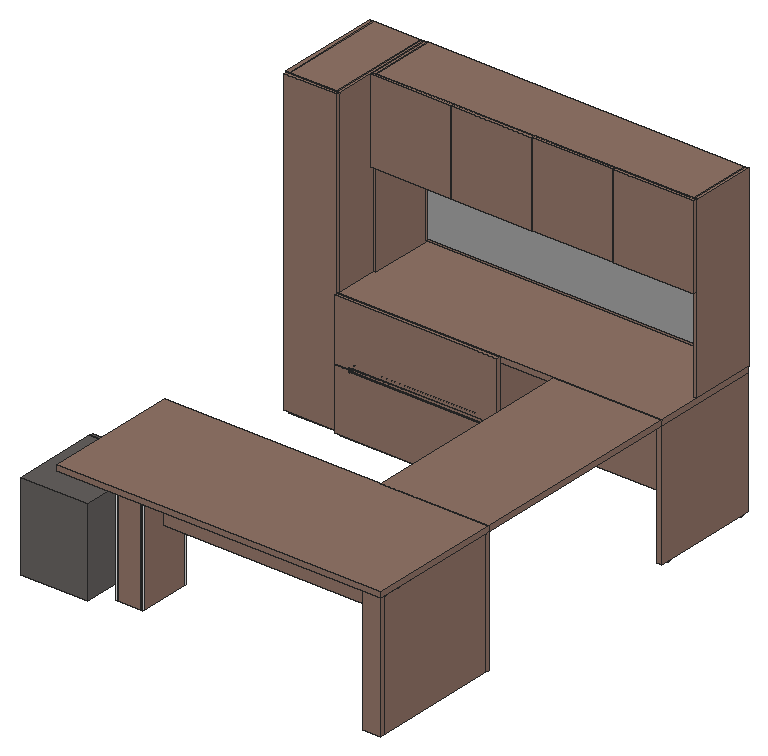
Revit family "OFS TYPICAL T100002", category Furniture, Revit 2022 (continued)
Definition of nested family "OFS SLATE PENINSULA WORKTABLE WITH POST BASE"
  Definition of nested family "OFS_Slate Private Office_Work Table_Post Base"
    Automatic sketch dimensions
      Revolve 2 sketch curve to Revolve 2 sketch curve = 0' - 0.005"
      Revolve 2 sketch curve to Revolve 2 sketch curve = 0' - 0.245"
      Revolve 2 sketch curve to Revolve 2 sketch curve = 0' - 0"
      Revolve 2 sketch curve to level = 0' - 0.09084"
      plane 1 "Center (Front/Back)" to Extrusion 3 sketch curve = 0' - 0 3/4"
      plane 11 to Extrusion 3 sketch curve = 0' - 0 3/4"
      plane 1 "Center (Front/Back)" to Extrusion 4 sketch curve = 0' - 0 3/4"  (x2)
      plane 11 to Extrusion 4 sketch curve = 0' - 0 3/4"  (x2)
      Extrusion 7 sketch curve to plane 21 = 0' - 0"  (x2)
      Extrusion 7 sketch curve to plane 17 = 0' - 0"
      Extrusion 7 sketch curve to plane 16 = 0' - 0"
      plane 20 to Extrusion 7 sketch curve = 0' - 0"
      plane 21 to Extrusion 7 sketch curve = 0' - 0 1/16"
      plane 22 to Extrusion 7 sketch curve = 0' - 0.0177"
      plane 22 to Extrusion 7 sketch curve = 0' - 0.01814"
      Extrusion 7 sketch curve to plane 23 = 0' - 0 1/16"
      Extrusion 7 sketch curve to plane 25 = 0' - 0.04436"
      Extrusion 7 sketch curve to plane 25 = 0' - 0.0448"
      plane 24 to Extrusion 7 sketch curve = 0' - 0 1/16"  (x2)
      Extrusion 7 sketch curve to Extrusion 7 sketch curve = 0' - 0 1/16"
      plane 17 to Extrusion 7 sketch curve = 0' - 0 17/32"  (x2)
      Extrusion 7 sketch curve to Extrusion 7 sketch curve = 0' - 0 7/32"
      Extrusion 7 sketch curve to Extrusion 7 sketch curve = 0' - 0"  (x2)
      Extrusion 7 sketch curve to Extrusion 7 sketch curve = 0' - 0.75004"  (x2)
      Extrusion 7 sketch curve to Extrusion 7 sketch curve = 0' - 0.00004"
      plane 16 to Extrusion 7 sketch curve = 0' - 0 17/32"
      Extrusion 7 sketch curve to Extrusion 7 sketch curve = 0' - 0.21879"
      Extrusion 8 sketch curve to plane 21 = 0' - 0"  (x2)
      plane 16 to Extrusion 8 sketch curve = 0' - 0.0175"  (x2)
      plane 21 to Extrusion 8 sketch curve = 0' - 0.045"  (x2)
      plane 17 to Extrusion 8 sketch curve = 0' - 0.0175"  (x2)
      plane 22 to Extrusion 8 sketch curve = 0' - 0.00395"  (x2)
      Extrusion 8 sketch curve to plane 25 = 0' - 0.05855"  (x2)
      plane 24 to Extrusion 8 sketch curve = 0' - 0 1/16"  (x2)
      Extrusion 8 sketch curve to Extrusion 8 sketch curve = 0' - 0.045"  (x4)
      Extrusion 8 sketch curve to Extrusion 8 sketch curve = 0' - 0.455"  (x2)
      Extrusion 8 sketch curve to Extrusion 8 sketch curve = 0' - 0 1/2"  (x2)
      plane 16 to Extrusion 8 sketch curve = 0' - 0 1/16"  (x2)
      plane 1 "Center (Front/Back)" to Extrusion 9 sketch curve = 0' - 0 3/4"
      plane 11 to Extrusion 9 sketch curve = 0' - 0 3/4"
  Definition of nested family "Tag"
    Parameters
      P_Width = 0' - 0"
      Text_Width = "Empty"
      Text_Height = "Empty"
      Text_Diameter = "Empty"
      Text_Depth = "Empty"
      Offset (LR) [instance] = 0' - 0"
      Model Name = "Type Catalog"
      P_Height = 0' - 0"
      Distance of Center (not Change) = 0' - 0.1"
      P_Diameter = 0' - 0"
      P_Depth = 0' - 0"
    Reference planes (in)
      plane 1: y = 0
      plane 2: x = 0
    Lines and regions (in)
      reference lines
        curve 1: line (-0.44359, 0.1, 0) -> (0.41085, 0.1, 0)
        curve 3: line (0, 0.42564, 0) -> (0, -0.30221, 0)
      reference lines, not visible
        curve 2: line (-0.44359, 0.09843, 0) -> (0.41085, 0.09843, 0)
        curve 4: line (0, 0.42407, 0) -> (0, -0.30379, 0)
    Text (in)
      label "Empty" at (0.00197, 0.0921, 0), shows "Model Name"
      label "Empty" at (0.00197, 0.09052, 0), shows "Model Name", not visible
    Dimensions and locks (in)
      "Distance of Center (not Change)": plane 1 to curve 1
      "Offset (LR)": curve 3 to plane 2
    Automatic sketch dimensions
      curve 1 to curve 3 = 0' - 0.44359"
      curve 3 to curve 1 = 0' - 0.41085"
      curve 3 to curve 1 = 0' - 0.40221"
      curve 1 to curve 3 = 0' - 0.32564"
      curve 2 to curve 4 = 0' - 0.44359"
      curve 4 to curve 2 = 0' - 0.41085"
      curve 4 to curve 2 = 0' - 0.40221"
      curve 2 to curve 4 = 0' - 0.32564"
Definition of nested family "OFS SLATE HIGHBACK ORGANIZER"
  Parameters (values of type "Highback Organizer 4 Doors 60W x 40H - 1 High")
    Show Doors [instance] = yes
    Width = 5' - 0"
    URL = "http://www.ofs.com/"
    Top [instance] = none
    Default Elevation = 0' - 0"
    Base Panel [instance] = none
    Panel [instance] = none
    Model = "CA-6040HD19"
    Manufacturer = "CAROLINA"
    Length 2 = if(Width > 7' 0", Length 1, Width / 2)  # 2' - 6"
    Length 1 = if(Width > 7' 0", (Width / 3) / 2, 0' 0")  # 0' - 0"
    High = 1
    Height 1 = if(and(High = 1, Height = 3' 4"), 1' 7", if(and(High = 1.5, Height = 4' 4"), 2' 1", if(and(High = 2, Height = 4' 4"), 2' 7", 2' 1")))  # 1' - 7"
    Height = 3' - 4"
    Elevation [instance] = 2' - 5 1/4"
    Doors [instance] = none
    Description = "OFS SLATE Highback Organizer 4 Doors, 60W x 15D x 39.5H, Slate Private Office"
    Copyright © = "© 2019 OFS"
    Center Doors [instance] = and(Show Doors, Width > 7' 0")  # no
    Catalog = "https://ofs.com/products/tables/conference/slate"
    Base [instance] = none
    Back [instance] = none
    Authoring Version = "Autodesk Revit Architecture 2014"
    Assembly Code = "E2020200"
  Types (27): name | Width | Model | Length 2 | Length 1 | High | Height 1 | Height | Description | Center Doors
    Highback Organizer 6 Doors 108W x 52H - 2 High | 9' - 0" | "CA-10852HD31" | 1' - 6" | 1' - 6" | 2 | 2' - 7" | 4' - 4" | "OFS SLATE Highback Organizer 6 Doors, 108W x 15D x 51.5H, Slate Private Office" | yes
    Highback Organizer 6 Doors 102W x 52H - 2 High | 8' - 6" | "CA-10252HD31" | 1' - 5" | 1' - 5" | 2 | 2' - 7" | 4' - 4" | "OFS SLATE Highback Organizer 6 Doors, 102W x 15D x 51.5H, Slate Private Office" | yes
    Highback Organizer 6 Doors 96W x 52H - 2 High | 8' - 0" | "CA-9652HD31" | 1' - 4" | 1' - 4" | 2 | 2' - 7" | 4' - 4" | "OFS SLATE Highback Organizer 6 Doors, 96W x 15D x 51.5H, Slate Private Office" | yes
    Highback Organizer 6 Doors 90W x 52H - 2 High | 7' - 6" | "CA-9052HD31" | 1' - 3" | 1' - 3" | 2 | 2' - 7" | 4' - 4" | "OFS SLATE Highback Organizer 6 Doors, 90W x 15D x 51.5H, Slate Private Office" | yes
    Highback Organizer 4 Doors 84W x 52H - 2 High | 7' - 0" | "CA-8452HD31" | 3' - 6" | 0' - 0" | 2 | 2' - 7" | 4' - 4" | "OFS SLATE Highback Organizer 4 Doors, 84W x 15D x 51.5H, Slate Private Office" | no
    Highback Organizer 4 Doors 78W x 52H - 2 High | 6' - 6" | "CA-7852HD31" | 3' - 3" | 0' - 0" | 2 | 2' - 7" | 4' - 4" | "OFS SLATE Highback Organizer 4 Doors, 78W x 15D x 51.5H, Slate Private Office" | no
    Highback Organizer 4 Doors 72W x 52H - 2 High | 6' - 0" | "CA-7252HD31" | 3' - 0" | 0' - 0" | 2 | 2' - 7" | 4' - 4" | "OFS SLATE Highback Organizer 4 Doors, 72W x 15D x 51.5H, Slate Private Office" | no
    Highback Organizer 4 Doors 66W x 52H - 2 High | 5' - 6" | "CA-6652HD31" | 2' - 9" | 0' - 0" | 2 | 2' - 7" | 4' - 4" | "OFS SLATE Highback Organizer 4 Doors, 66W x 15D x 51.5H, Slate Private Office" | no
    Highback Organizer 4 Doors 60W x 52H - 2 High | 5' - 0" | "CA-6052HD31" | 2' - 6" | 0' - 0" | 2 | 2' - 7" | 4' - 4" | "OFS SLATE Highback Organizer 4 Doors, 60W x 15D x 51.5H, Slate Private Office" | no
    Highback Organizer 6 Doors 108W x 52H - 1.5 High | 9' - 0" | "CA-10852HD25" | 1' - 6" | 1' - 6" | 1.5 | 2' - 1" | 4' - 4" | "OFS SLATE Highback Organizer 6 Doors, 108W x 15D x 51.5H, Slate Private Office" | yes
    Highback Organizer 6 Doors 102W x 52H - 1.5 High | 8' - 6" | "CA-10252HD25" | 1' - 5" | 1' - 5" | 1.5 | 2' - 1" | 4' - 4" | "OFS SLATE Highback Organizer 6 Doors, 102W x 15D x 51.5H, Slate Private Office" | yes
    Highback Organizer 6 Doors 96W x 52H - 1.5 High | 8' - 0" | "CA-9652HD25" | 1' - 4" | 1' - 4" | 1.5 | 2' - 1" | 4' - 4" | "OFS SLATE Highback Organizer 6 Doors, 96W x 15D x 51.5H, Slate Private Office" | yes
    Highback Organizer 6 Doors 90W x 52H - 1.5 High | 7' - 6" | "CA-9052HD25" | 1' - 3" | 1' - 3" | 1.5 | 2' - 1" | 4' - 4" | "OFS SLATE Highback Organizer 6 Doors, 90W x 15D x 51.5H, Slate Private Office" | yes
    Highback Organizer 4 Doors 84W x 52H - 1.5 High | 7' - 0" | "CA-8452HD25" | 3' - 6" | 0' - 0" | 1.5 | 2' - 1" | 4' - 4" | "OFS SLATE Highback Organizer 4 Doors, 84W x 15D x 51.5H, Slate Private Office" | no
    Highback Organizer 4 Doors 78W x 52H - 1.5 High | 6' - 6" | "CA-7852HD25" | 3' - 3" | 0' - 0" | 1.5 | 2' - 1" | 4' - 4" | "OFS SLATE Highback Organizer 4 Doors, 78W x 15D x 51.5H, Slate Private Office" | no
    Highback Organizer 4 Doors 72W x 52H - 1.5 High | 6' - 0" | "CA-7252HD25" | 3' - 0" | 0' - 0" | 1.5 | 2' - 1" | 4' - 4" | "OFS SLATE Highback Organizer 4 Doors, 72W x 15D x 51.5H, Slate Private Office" | no
    Highback Organizer 4 Doors 66W x 52H - 1.5 High | 5' - 6" | "CA-6652HD25" | 2' - 9" | 0' - 0" | 1.5 | 2' - 1" | 4' - 4" | "OFS SLATE Highback Organizer 4 Doors, 66W x 15D x 51.5H, Slate Private Office" | no
    Highback Organizer 4 Doors 60W x 52H - 1.5 High | 5' - 0" | "CA-6052HD25" | 2' - 6" | 0' - 0" | 1.5 | 2' - 1" | 4' - 4" | "OFS SLATE Highback Organizer 4 Doors, 60W x 15D x 51.5H, Slate Private Office" | no
    Highback Organizer 6 Doors 108W x 40H - 1 High | 9' - 0" | "CA-10840HD19" | 1' - 6" | 1' - 6" | 1 | 1' - 7" | 3' - 4" | "OFS SLATE Highback Organizer 6 Doors, 108W x 15D x 39.5H, Slate Private Office" | yes
    Highback Organizer 6 Doors 102W x 40H - 1 High | 8' - 6" | "CA-10240HD19" | 1' - 5" | 1' - 5" | 1 | 1' - 7" | 3' - 4" | "OFS SLATE Highback Organizer 6 Doors, 102W x 15D x 39.5H, Slate Private Office" | yes
    Highback Organizer 6 Doors 96W x 40H - 1 High | 8' - 0" | "CA-9640HD19" | 1' - 4" | 1' - 4" | 1 | 1' - 7" | 3' - 4" | "OFS SLATE Highback Organizer 6 Doors, 96W x 15D x 39.5H, Slate Private Office" | yes
    Highback Organizer 6 Doors 90W x 40H - 1 High | 7' - 6" | "CA-9040HD19" | 1' - 3" | 1' - 3" | 1 | 1' - 7" | 3' - 4" | "OFS SLATE Highback Organizer 6 Doors, 90W x 15D x 39.5H, Slate Private Office" | yes
    Highback Organizer 4 Doors 84W x 40H - 1 High | 7' - 0" | "CA-8440HD19" | 3' - 6" | 0' - 0" | 1 | 1' - 7" | 3' - 4" | "OFS SLATE Highback Organizer 4 Doors, 84W x 15D x 39.5H, Slate Private Office" | no
    Highback Organizer 4 Doors 78W x 40H - 1 High | 6' - 6" | "CA-7840HD19" | 3' - 3" | 0' - 0" | 1 | 1' - 7" | 3' - 4" | "OFS SLATE Highback Organizer 4 Doors, 78W x 15D x 39.5H, Slate Private Office" | no
    Highback Organizer 4 Doors 72W x 40H - 1 High | 6' - 0" | "CA-7240HD19" | 3' - 0" | 0' - 0" | 1 | 1' - 7" | 3' - 4" | "OFS SLATE Highback Organizer 4 Doors, 72W x 15D x 39.5H, Slate Private Office" | no
    Highback Organizer 4 Doors 66W x 40H - 1 High | 5' - 6" | "CA-6640HD19" | 2' - 9" | 0' - 0" | 1 | 1' - 7" | 3' - 4" | "OFS SLATE Highback Organizer 4 Doors, 66W x 15D x 39.5H, Slate Private Office" | no
    Highback Organizer 4 Doors 60W x 40H - 1 High | 5' - 0" | "CA-6040HD19" | 2' - 6" | 0' - 0" | 1 | 1' - 7" | 3' - 4" | "OFS SLATE Highback Organizer 4 Doors, 60W x 15D x 39.5H, Slate Private Office" | no
  Reference planes (in)
    plane 1 "Center (Front/Back)": y = 0
    plane 2: z = 0
    plane 3 "Center (Left/Right)": x = 0
    plane 4: x = 60
    plane 5: y = -14.25
    plane 6: x = 30
    plane 7: z = 29.25
    plane 8: z = 68.75
    plane 9: z = 68
    plane 10: z = 51.4375
    plane 11: z = 50.25
    plane 12: z = 29.75
    plane 13: z = 69.25
    plane 14: x = 30
    plane 15: x = 30
    plane 16: x = 15
    plane 17: x = 45
  Forms (in)
    Extrusion 1, solid, material <- "Panel"
      sketch origin (30, -0.75, 47.24409) x (0, 1, 0) y (0, 0, 1)
        loop
          line (0, 20.7559) -> (-13.5, 20.7559) -> (-13.5, 4.19341) -> (0, 4.19341) -> (0, 20.7559)
      from -0.375 to 0.375
    Extrusion 2, solid, material <- "Panel"
      sketch origin (30, -0.75, 47.24409) x (0, 1, 0) y (0, 0, -1)
        loop
          line (0, -20.7559) -> (0, -4.19341) -> (-13.5, -4.19341) -> (-13.5, -20.7559) -> (0, -20.7559)
      from -0.375 to 0.375
    Extrusion 3, solid, material <- "Panel"
      sketch origin (0, 0, 0) x (1, 0, 0) y (0, 0, 1)
        loop
          line (0, 68.75) -> (0, 29.25) -> (0.75, 29.25) -> (0.75, 68.75) -> (0, 68.75)
        loop
          line (60, 68.75) -> (59.25, 68.75) -> (59.25, 29.25) -> (60, 29.25) -> (60, 68.75)
      from 0 to 14.25
    Extrusion 4, solid, material <- "Back"
      sketch origin (0.75, 0, 68.75) x (0, 0, -1) y (0, 1, 0)
        loop
          line (0.75, 0) -> (0.75, -0.75) -> (39, -0.75) -> (39, 0) -> (0.75, 0)
      from 0 to 58.5
    Extrusion 5, solid, material <- "Base Panel"
      sketch origin (0.75, 0, 68.75) x (0, 0, -1) y (0, 1, 0)
        loop
          line (17.3125, -0.75) -> (17.3125, -14.25) -> (18.5, -14.25) -> (18.5, -0.75) -> (17.3125, -0.75)
      from 0 to 58.5
    Extrusion 6, solid, material <- "Top"
      sketch origin (0.75, 0, 68.75) x (0, 0, -1) y (0, 1, 0)
        loop
          line (0, 0) -> (0, -14.25) -> (0.75, -14.25) -> (0.75, 0) -> (0, 0)
      from 0 to 58.5
    Extrusion 7, solid, material <- "Doors", visible <- "Show Doors"
      sketch origin (-3.76383, -14.25, 47.24409) x (-1, 0, 0) y (0, 0, 1)
        loop
          line (-3.88883, 21.5059) -> (-18.69883, 21.5059) -> (-18.69883, 3.00591) -> (-3.88883, 3.00591) -> (-3.88883, 21.5059)
        loop
          line (-63.63883, 21.5059) -> (-63.63883, 3.00591) -> (-48.82883, 3.00591) -> (-48.82883, 21.5059) -> (-63.63883, 21.5059)
      from 0 to -0.74845
    Extrusion 8, solid, material <- "Doors", visible <- "Show Doors"
      sketch origin (-3.76383, -14.25, 47.24409) x (-1, 0, 0) y (0, 0, 1)
        loop
          line (-33.63883, 21.5059) -> (-33.63883, 3.00591) -> (-18.82883, 3.00591) -> (-18.82883, 21.5059) -> (-33.63883, 21.5059)
        loop
          line (-33.88883, 21.5059) -> (-48.69883, 21.5059) -> (-48.69883, 3.00591) -> (-33.88883, 3.00591) -> (-33.88883, 21.5059)
      from 0 to -0.74845
    Extrusion 9, solid, material <- "Doors", visible <- "Center Doors"
      sketch origin (-3.76383, -14.25, 47.24409) x (-1, 0, 0) y (0, 0, 1)
        loop
          line (-33.69883, 21.5059) -> (-33.69883, 3.00591) -> (-3.76383, 3.00591) -> (-3.76383, 21.5059) -> (-33.69883, 21.5059)
        loop
          line (-33.82883, 21.5059) -> (-63.76383, 21.5059) -> (-63.76383, 3.00591) -> (-33.82883, 3.00591) -> (-33.82883, 21.5059)
      from 0 to -0.74845
  Lines and regions (in)
    Masking region 1
      outline origin (69.63251, -60, 68.75) x (0, -1, 0) y (1, 0, 0)
        loop
          line (-60, -69.63251) -> (-45.75, -69.63251) -> (-45.75, -9.63251) -> (-60, -9.63251) -> (-60, -69.63251)
  Dimensions and locks (in)
    "Width": plane 3 "Center (Left/Right)" to plane 4
    equal spacing: plane 3 "Center (Left/Right)", plane 6, plane 4
    plane 1 "Center (Front/Back)" to plane 5 = 1' - 2 1/4"
    "Height": plane 13 to plane 7
    plane 13 to plane 8 to plane 9 = 0' - 0 1/2" locked, 0' - 0 3/4" locked
    locked: plane 10 to plane 11 at 1.1875
    locked: plane 12 to plane 7 at 0.5
    "Height 1": plane 13 to plane 11
    "Length 1": plane 14 to plane 6
    "Elevation": plane 7 to level
    "Length 1": plane 15 to plane 6
    locked: Extrusion 3 sketch curve to plane 3 "Center (Left/Right)" at 0.75
    locked: plane 4 to Extrusion 3 sketch curve at 0.75
    locked: Extrusion 7 sketch curve to plane 3 "Center (Left/Right)" at 0.125
    locked: Extrusion 7 sketch curve to plane 16 at 0.065
    locked: Extrusion 7 sketch curve to plane 17 at 0.065
    locked: plane 4 to Extrusion 7 sketch curve at 0.125
    equal spacing: plane 3 "Center (Left/Right)", plane 16, plane 14
    equal spacing: plane 15, plane 17, plane 4
    locked: plane 16 to Extrusion 8 sketch curve at 0.065
    locked: plane 14 to Extrusion 8 sketch curve at 0.125
    locked: plane 15 to Extrusion 8 sketch curve at 0.125
    locked: plane 17 to Extrusion 8 sketch curve at 0.065
    Extrusion 9 sketch curve to plane 6 to Extrusion 9 sketch curve = 0' - 0.065" locked, 0' - 0.065" locked
    "Length 2": Extrusion 9 sketch curve to plane 6
    "Length 2": plane 6 to Extrusion 9 sketch curve
    aligned and locked: level to plane 2
    aligned and locked: plane 6 to nested 1
    aligned and locked: nested 1 to plane 5
    aligned and locked: plane 5 to Extrusion 1 sketch curve
    aligned and locked: Extrusion 1 sketch curve to plane 10
    aligned and locked: Extrusion 1 sketch curve to plane 9
    aligned and locked: Extrusion 2 sketch curve to plane 9
    aligned and locked: Extrusion 2 sketch curve to plane 10
    aligned and locked: plane 5 to Extrusion 2 sketch curve
    aligned and locked: plane 3 "Center (Left/Right)" to Extrusion 3 sketch curve
    aligned and locked: plane 8 to Extrusion 3 sketch curve
    aligned and locked: plane 7 to Extrusion 3 sketch curve
    aligned and locked: Extrusion 3 sketch curve to plane 7
    aligned and locked: plane 4 to Extrusion 3 sketch curve
    aligned and locked: Extrusion 3 sketch curve to plane 8
    aligned and locked: Extrusion 3 to plane 5
    aligned and locked: Extrusion 4 sketch curve to plane 12
    aligned and locked: Extrusion 4 sketch curve to plane 9
    aligned and locked: Extrusion 4 to Extrusion 3
    aligned and locked: plane 10 to Extrusion 5 sketch curve
    aligned and locked: plane 11 to Extrusion 5 sketch curve
    aligned and locked: Extrusion 5 to Extrusion 3
    aligned and locked: plane 9 to Extrusion 6 sketch curve
    aligned and locked: plane 8 to Extrusion 6 sketch curve
    aligned and locked: Extrusion 6 to Extrusion 3
    aligned and locked: Masking region 1 sketch curve to Extrusion 3  (x4)
    aligned and locked: plane 11 to Extrusion 7 sketch curve
    aligned and locked: plane 8 to Extrusion 7 sketch curve
    aligned and locked: Extrusion 7 sketch curve to plane 11
    aligned and locked: Extrusion 7 sketch curve to plane 8
    aligned and locked: plane 8 to Extrusion 8 sketch curve
    aligned and locked: plane 11 to Extrusion 8 sketch curve
    aligned and locked: Extrusion 8 sketch curve to plane 11
    aligned and locked: Extrusion 8 sketch curve to plane 8
    aligned and locked: plane 8 to Extrusion 9 sketch curve
    aligned and locked: Extrusion 9 sketch curve to plane 8
    aligned and locked: plane 11 to Extrusion 9 sketch curve
    aligned and locked: Extrusion 9 sketch curve to plane 11
  Automatic sketch dimensions
    plane 1 "Center (Front/Back)" to Extrusion 1 sketch curve = 0' - 0 3/4"
    Extrusion 2 sketch curve to plane 1 "Center (Front/Back)" = 0' - 0 3/4"
    Extrusion 4 sketch curve to Extrusion 3 = 0' - 0"
    Extrusion 3 to Extrusion 4 sketch curve = 0' - 0 3/4"
    Extrusion 5 sketch curve to Extrusion 3 = 0' - 0"
    Extrusion 3 to Extrusion 5 sketch curve = 0' - 0 3/4"
    Extrusion 6 sketch curve to Extrusion 3 = 0' - 0"  (x2)
  Nested families (in)
    nested 1: "Tag" at (30, -14.25, 0), type "Center", detail levels fine
      with Offset (LR) 0' - 0"
  Definition of nested family "Tag"
    Parameters
      P_Width = 0' - 0"
      Text_Width = "Empty"
      Text_Height = "Empty"
      Text_Diameter = "Empty"
      Text_Depth = "Empty"
      Offset (LR) [instance] = 0' - 0"
      Model Name = "Type Catalog"
      P_Height = 0' - 0"
      Distance of Center (not Change) = 0' - 0.1"
      P_Diameter = 0' - 0"
      P_Depth = 0' - 0"
    Reference planes (in)
      plane 1: y = 0
      plane 2: x = 0
    Lines and regions (in)
      reference lines
        curve 1: line (-0.44359, 0.1, 0) -> (0.41085, 0.1, 0)
        curve 3: line (0, 0.42564, 0) -> (0, -0.30221, 0)
      reference lines, not visible
        curve 2: line (-0.44359, 0.09843, 0) -> (0.41085, 0.09843, 0)
        curve 4: line (0, 0.42407, 0) -> (0, -0.30379, 0)
    Text (in)
      label "Empty" at (0.00197, 0.0921, 0), shows "Model Name"
      label "Empty" at (0.00197, 0.09052, 0), shows "Model Name", not visible
    Dimensions and locks (in)
      "Distance of Center (not Change)": plane 1 to curve 1
      "Offset (LR)": curve 3 to plane 2
    Automatic sketch dimensions
      curve 1 to curve 3 = 0' - 0.44359"
      curve 3 to curve 1 = 0' - 0.41085"
      curve 3 to curve 1 = 0' - 0.40221"
      curve 1 to curve 3 = 0' - 0.32564"
      curve 2 to curve 4 = 0' - 0.44359"
      curve 4 to curve 2 = 0' - 0.41085"
      curve 4 to curve 2 = 0' - 0.40221"
      curve 2 to curve 4 = 0' - 0.32564"
